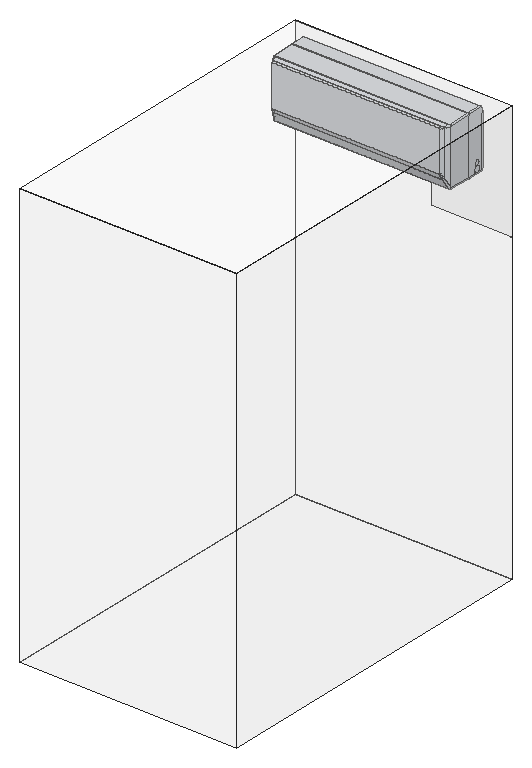
Revit family "pk-rp40_112(la)ka17_60Hz", category 機械設備, Revit 2019
Family settings
  丸型コネクタ寸法 = 直径を使用
  パーツ タイプ = 標準
  OmniClass 番号 = 23.75.10.24.21.27.27
  OmniClass タイトル = Split System Air Conditioning Units
  作業面ベース = いいえ
  常に垂直 = はい
  ロード時にボイドで切り取り = いいえ
  共有 = いいえ
  部屋計算ポイント = はい
Parameters (values of type "壁掛_PK-RP40LA")
  風量_静 (m3/min) = 6.8
  風量_強 (m3/min) = 10.7
  風量_弱 (m3/min) = 8.2
  風量_中 (m3/min) = 9.4
  風量 = MAX風量  # 642.0 m³/h
  音響パワーレベル（静）(dB) = 47
  音響パワーレベル（弱）(dB) = 51
  音響パワーレベル（中）(dB) = 54
  音響パワーレベル(dB) = 57
  電源種別 = ""
  電源_H = 0 mm
  電圧_電気ヒーター = 0 V
  電圧 = 200 V
  電動機出力_送風機 = 0.03 kW
  運転質量 = 0.00 kg
  連動 = ""
  質量 = if(製品質量 > 運転質量, 製品質量, 運転質量) * 1.2  # 15.00 kg
  負荷分類 = 3_ファン類
  構成品番 = "PK-RP40LA"
  壁掛_PK-RP80_112KA17 = no
  壁掛_PK-RP56_71KA17 = no
  壁掛_PK-RP40_50LA = yes
  冷媒液管位置-Z = 280 mm
  冷媒液管位置-Y = 35 mm
  冷媒液管位置-X = 711 mm
  冷媒ガス管位置-Z = 268 mm
  冷媒ガス管位置-Y = 35 mm
  冷媒ガス管位置-X = 642 mm
  ドレン管径 (外径) = 22 mm
  ドレン位置-Z = 245 mm
  ドレン位置-Y = 35 mm
  ドレン位置-X = 660 mm
  サービススペース PK-RP56KA～PK-RP71KA = no
  サービススペース PK-RP40LA～PK-RP50LA / PK-RP80KA～PK-RP112KA = yes
  URL = "https://www.mitsubishielectric.co.jp/ldg/wink/ssl/displayProduct.do?pid=311483"
  Space Top = 50 mm
  Space Right_1 = 260 mm
  Space Right = 150 mm
  Space Left = 50 mm
  Space Bot_2 = 250 mm
  Space Bot_1 = 7 mm
  MIN２風量 = [風量_静 (m3/min)] * 60.0 m³/h  # 408.0 m³/h
  MIN風量 = [風量_弱 (m3/min)] * 60.0 m³/h  # 492.0 m³/h
  MID風量 = [風量_中 (m3/min)] * 60.0 m³/h  # 564.0 m³/h
  MAX風量 = [風量_強 (m3/min)] * 60.0 m³/h  # 642.0 m³/h
  説明 = "店舗・事務所用パッケージエアコン(Mr.SLIM) 壁掛形<ワイヤード>"
  設計暖房能力 = 0.00 kW
  設計冷房能力_顕熱 = 0 kW
  設計冷房能力 = 0 kW
  設置方法 = "壁掛形"
  記号 = ""
  製造元 = "三菱電機株式会社"
  製品質量 = 12.50 kg
  製品出荷対象 = "国内"
  製品リリース年月 = "2021/05/10"
  製品グループ = ""
  系統 = ""
  符号 = "PAC_WR"
  積算_科目 = "1 空気調和設備"
  積算_拾い区分 [instance] = ""
  相 = 1
  盤記号 = ""
  発停方法 = "付属スイッチ"
  特殊仕様 = ""
  火災停止 = ""
  消費電力_電気ヒーター = 0.00 kW
  消費電力_暖房 = 0.03 kW
  消費電力_加湿器 = 0.00 kW
  消費電力_冷房 = 0.04 kW
  消費電力 = if(消費電力_冷房 > 消費電力_暖房, 消費電力_冷房, 消費電力_暖房) + 消費電力_加湿器 + 消費電力_電気ヒーター  # 0.04 kW
  法定耐用年数 = "6"
  極数 = 1
  材質 = ""
  本体マテリアル = none
  有効加湿量 = 0
  暖房能力 = 4.00 kW
  推奨ブレーカー容量 = 0 A
  形式_加湿器 = ""
  形式 = "壁掛（露出）形"
  幹線記号 = ""
  始動方式 = "直入"
  呼称 = "室内機_壁掛（露出）形"
  周波数 = 60 Hz
  吊り位置Y = 0 mm
  吊り位置X = 0 mm
  吊りボルト_H = 0 mm
  台数_手元リモコン = ""
  台数_冷媒分岐ユニット = ""
  参照している仕様書等のバージョン = "公共建築工事標準仕様書（機械設備工事編）平成31年度版"
  加湿給水管径 = 0.00 mm
  分類コード = "50053003123070"
  分類グループ = ""
  冷房能力 = 3.6 kW
  冷媒高低圧ガス管径 = 0.00 mm
  冷媒管径符号 = "Ac"
  冷媒管径 = 100.00 mm
  冷媒液管径 = 6.35 mm
  冷媒ガス管径 = 12.70 mm
  企業コード = "108420"
  付属品_フィルター = ""
  付属品 = ""
  仕様書バージョン = "Version1.0"
  Model = ""
  パネルマテリアル = none
  ドレン管径 = 16.00 mm
  サービススペース = yes
  コメント [instance] = ""
  ケーブル種類 = ""
  ケーブルサイズ = 0 mm
  Width = 898 mm
  Uniclass2015Version = "Systems v1.9"
  Uniclass2015Title = "Split coil remote air cooled condensing units"
  Uniclass2015Code = "Pr_70_65_03_84"
  SpecificationReference = ""
  SpecificationDescription = ""
  S_H = 356 mm
  Revision = ""
  ProductInformation = ""
  OmniClassCode = "23-33 17 13 11"
  IfcTypeProduct = ""
  IfcProduct = ""
  IfcExportType = "AIRCONDITIONINGUNIT"
  IfcExportAs = "IfcUnitaryEquipmentType"
  Height = 299 mm
  Depth = 237 mm
  価格 = 205000
  Clearance Top = 50 mm
  Clearance Right = 150 mm
  Clearance Left = 50 mm
  Clearance Front = 1500 mm
  Clearance Bottom = 1800 mm
  Clearance Back = 0 mm
  Author = "三菱電機株式会社"
Reference planes
  plane 1 "中心(正面/背面)": y = 0
  plane 2: z = 11
  plane 3 "中心(左/右)": x = 0
  plane 4: x = -449
  plane 5: x = 449
  plane 6: z = -288
  plane 7: y = -242
  plane 8: y = -5
  plane 9: x = -211
  plane 10: x = -193
  plane 11: x = -262
  plane 12: y = -40
  plane 13: y = -40
  plane 14: y = -40
  plane 15: z = -269
  plane 16: z = -257
  plane 17: z = -234
  plane 18: z = 61
  plane 19: x = -499
  plane 20: x = 599
  plane 21: z = -295
  plane 22: z = -538
  plane 23: x = 189
  plane 24: y = -1742
  plane 25: z = -2088
  plane 26: x = -499
  plane 27: x = 599
Forms (mm)
  Extrusion 1, solid
    sketch origin (-88.875, 0, -1713) x (-1, 0, 0) y (0, 0, 1)
      loop
        line (-487.875, 1574) -> (-487.875, 1549) -> (-462.875, 1549) -> (-462.875, 1574) -> (-487.875, 1574)
    from -1 to 0
  Extrusion 2, solid
    sketch origin (0, 0, 0) x (0, 1, 0) y (0, 0, 1)
      loop
        circle (-40, -234) r 11
    from 444 to 449
  Extrusion 3, solid
    sketch origin (0, 0, 0) x (0, 1, 0) y (0, 0, 1)
      loop
        circle (-40, -263) r 15
    from 444 to 449
Dimensions and locks
  equal spacing: plane 5, plane 3 "中心(左/右)", plane 4
  "Width": plane 5 to plane 4
  "Height": level to plane 6
  locked: plane 8 to plane 1 "中心(正面/背面)" at 5
  "Depth": plane 7 to plane 8
  "ドレン位置-X": plane 5 to plane 9
  "冷媒ガス管位置-X": plane 5 to plane 10
  "冷媒液管位置-X": plane 5 to plane 11
  "ドレン位置-Y": plane 14 to plane 8
  "冷媒ガス管位置-Y": plane 13 to plane 8
  "冷媒液管位置-Y": plane 12 to plane 8
  "ドレン位置-Z": level to plane 17
  "冷媒ガス管位置-Z": level to plane 16
  "冷媒液管位置-Z": level to plane 15
  "Space Top": plane 18 to level
  "Space Left": plane 4 to plane 19
  "Space Right": plane 20 to plane 5
  "Space Bot_1": plane 6 to plane 21
  "Space Bot_2": plane 6 to plane 22
  "Space Right_1": plane 5 to plane 23
  equal spacing: plane 16, Extrusion 3 sketch curve, plane 15
  equal spacing: plane 12, Extrusion 3 sketch curve, plane 13
  locked: plane 5 to Extrusion 3 at 5
  "Clearance Front": plane 24 to plane 7
  "Clearance Bottom": plane 6 to plane 25
  "Clearance Left": plane 4 to plane 26
  "Clearance Right": plane 27 to plane 5
  plane 5 to Extrusion 1 sketch curve = 50 mm
  nested 3 to Extrusion 1 sketch curve = 150 mm
  "S_H": nested 6 to plane 21
  "Clearance Top": nested 4 to plane 2
  "ドレン管径 (外径)": diameter of Extrusion 2 sketch curve
  aligned and locked: level to plane 2
  aligned and locked: plane 1 "中心(正面/背面)" to nested 1
  aligned and locked: plane 1 "中心(正面/背面)" to nested 2
  aligned and locked: plane 1 "中心(正面/背面)" to nested 3
  aligned and locked: level to nested 1
  aligned and locked: level to nested 3
  aligned and locked: plane 3 "中心(左/右)" to nested 2
  aligned and locked: plane 3 "中心(左/右)" to nested 1
  aligned and locked: plane 3 "中心(左/右)" to nested 3
  aligned and locked: plane 14 to Extrusion 2 sketch curve
  aligned and locked: plane 17 to Extrusion 2 sketch curve
  aligned and locked: plane 5 to Extrusion 3
  aligned and locked: plane 5 to Extrusion 2
  aligned and locked: Extrusion 2 to Extrusion 3
  aligned and locked: plane 1 "中心(正面/背面)" to nested 4
  aligned and locked: plane 24 to nested 4
  aligned and locked: plane 25 to nested 4
  aligned and locked: plane 26 to nested 4
  aligned and locked: plane 27 to nested 4
  aligned and locked: plane 18 to nested 4
  aligned and locked: plane 1 "中心(正面/背面)" to nested 5
  aligned and locked: plane 3 "中心(左/右)" to nested 5
  aligned and locked: plane 1 "中心(正面/背面)" to nested 6
  aligned and locked: plane 3 "中心(左/右)" to nested 6
  aligned and locked: plane 2 to nested 3
Automatic sketch dimensions
  Extrusion 1 sketch curve to plane 5 = 75 mm
  Extrusion 1 sketch curve to Extrusion 1 sketch curve = 25 mm
  radius of Extrusion 3 sketch curve = 15 mm
Nested families
  nested 1: "pk-rp40_50(la)ka17" at (0, 0, 10), type "壁掛_PK-RP40_50LA"
  nested 2: "pk-rp56_71(la)ka17" at (0, 0, 11), type "壁掛_PK-RP56_71KA17"
    with 壁掛_PK-RP56-71KA17 no
  nested 3: "pk-rp80_112(la)ka17" at (0, 0, 11), type "壁掛_PK-RP80_112KA17"
    with 壁掛_PK-RP80_112KA17 no, 冷媒液管径 6.35 mm, 冷媒ガス管径 12.70 mm
  nested 4: "サービススペース" at (50, -871, -1013.5), visible <- "サービススペース", type "サービススペース"
    with Width 1098 mm, Height 2149 mm, Depth 1742 mm
  nested 5: "Space View" at (0, 0, 11), Bot_1 <- "Space Bot_1", Bot_2 <- "Space Bot_2", Hight <- "Height", Left <- "Space Left", Right <- "Space Right", Right_1 <- "Space Right_1", Top <- "Space Top", Width <- "Width", Space View <- "サービススペース PK-RP40LA～PK-RP50LA / PK-RP80KA～PK-RP112KA", type "Space View"
    with Width 898 mm, Top 50 mm, Space View yes, Right_1 260 mm, Right 150 mm, Left 50 mm, Hight 299 mm, Bot_2 250 mm, Bot_1 7 mm
  nested 6: "Space View_1" at (0, 0, 11), Bot_1 <- "Space Bot_1", Hight <- "Height", Left <- "Space Left", Right <- "Space Right", Top <- "Space Top", Width <- "Width", Space View 1 <- "サービススペース PK-RP56KA～PK-RP71KA", type "Space View_1"
    with Width 898 mm, Top 50 mm, Space View 1 no, Right 150 mm, Left 50 mm, Hight 299 mm, Bot_1 7 mm
Connectors
  piping at (449, -40, -234), diameter 22, driven by "ドレン管径 (外径)"
    settings: on Extrusion 2, index 1, connector inside diameter 609.60 mm, connector length 0 mm, flow factor 0, pipe flow 0.0 L/s, pressure drop 0.0 Pa, fitting loss kfactor 0, connector angle 0.00°, fixture units 0, engagement length 0 mm, angle of deflection 0.00°, flow configuration 1, flow direction 2, fitting loss method 4, system type 16, joint type 0, gender type 0, connector reference index -1, connector utility 0, adjustable connector no, is connector primary yes, connector description ""
  piping at (449, -40, -263), diameter 100, driven by "冷媒管径", driven by "冷媒管径符号"
    settings: on Extrusion 3, index 2, connector inside diameter 609.60 mm, connector length 0 mm, flow factor 0, pipe flow 0.0 L/s, pressure drop 0.0 Pa, fitting loss kfactor 0, connector angle 0.00°, fixture units 0, engagement length 0 mm, angle of deflection 0.00°, flow configuration 1, flow direction 1, fitting loss method 4, system type 7, joint type 0, gender type 0, connector reference index -1, connector utility 0, adjustable connector no, is connector primary no, connector description "Ac"
  electrical at (386.5, 0, -151.5), driven by "極数", driven by "負荷分類", driven by "電圧", driven by "消費電力"
    settings: on Extrusion 1, index 3, voltage 200 V, apparent load 40 VA, apparent load phase1 0 VA, apparent load phase2 0 VA, apparent load phase3 0 VA, power factor 1, load classification "3_ファン類", number of poles 1, system type 30, power factor state 1, is connector primary yes, connector utility no, sub classification motor no, connector description ""
Definition of nested family "pk-rp40_50(la)ka17"
  Parameters (values of type "壁掛_PK-RP40_50LA")
    壁掛_PK-RP40_50LA = yes
    冷媒液管位置-Y = 35 mm
    冷媒液管位置-X = 711 mm
    冷媒ガス管位置-Y = 35 mm
    冷媒ガス管位置-X = 642 mm
    ドレン管径 (外径) = 22 mm
    ドレン位置-Y = 35 mm
    ドレン位置-X = 660 mm
    URL = ""
    Description = ""
    Manufacturer = ""
    冷媒管径符号 = "Ac"
    冷媒管径 = 100.00 mm
    冷媒液管位置-Z = 280 mm
    冷媒液管径 = 6.35 mm
    冷媒ガス管位置-Z = 268 mm
    冷媒ガス管径 = 12.70 mm
    Model = ""
    ドレン位置-Z = 245 mm
    ドレン管径 = 16.00 mm
    Width = 898 mm
    S_H = 356 mm
    Height = 299 mm
    Depth = 237 mm
    Cost = 0
  Reference planes
    plane 1 "中心(正面/背面)": y = 0
    plane 2: z = 1
    plane 3 "中心(左/右)": x = 0
    plane 4 "UNDER": z = -298
    plane 5 "Left": x = -449
    plane 6: x = 449
    plane 7 "Fkidasi_L": x = -400
    plane 8 "Fkidasi_X": x = -262
    plane 9 "Fkidasi_Y": x = -193
    plane 10: y = -5
    plane 11: y = -40
    plane 12: y = -242
    plane 13: z = -279
    plane 14: z = -267
    plane 15: z = -244
    plane 16: y = -40
    plane 17: y = -40
    plane 18: x = -211
    plane 19: z = 1
    plane 20: x = 0
    plane 21: x = 0
  Forms (mm)
    Extrusion 1, void
      sketch origin (0, 75, -2499) x (0, -1, 0) y (0, 0, 1)
        loop
          line (89, 2500) -> (80, 2500) -> (80, 2487) -> (89, 2500)
      from 449 to -449
    Extrusion 2, solid, visible <- "壁掛_PK-RP40_50LA"
      sketch origin (0, 0, -2509.072) x (-1, 0, 0) y (0, 0, 1)
        loop
          line (449, 2485.072) -> (-449, 2485.072) -> (-449, 2224.072) -> (449, 2224.072) -> (449, 2485.072)
      from 0 to -5
    Extrusion 3, solid, visible <- "壁掛_PK-RP40_50LA"
      sketch origin (0, -5, -2499) x (0, 0, -1) y (-1, 0, 0)
        loop
          line (-2500, 444) -> (-2500, -444)
          arc (-2500, -444) -> (-2498.536, -447.536) -> (-2495, -449) r 5
          line (-2495, -449) -> (-2206, -449)
          arc (-2206, -449) -> (-2202.464, -447.536) -> (-2201, -444) r 5
          line (-2201, -444) -> (-2201, 444)
          arc (-2201, 444) -> (-2202.464, 447.536) -> (-2206, 449) r 5
          line (-2206, 449) -> (-2495, 449)
          arc (-2495, 449) -> (-2498.536, 447.536) -> (-2500, 444) r 5
      from 0 to -83
    Blend 4, solid, visible <- "壁掛_PK-RP40_50LA"
      base sketch origin (0, -202, -1799) x (0, 0, 1) y (1, 0, 0)
        loop
          line (1796, -444) -> (1796, 444)
          arc (1796, 444) -> (1794.536, 447.536) -> (1791, 449) r 5
          line (1791, 449) -> (1515, 449)
          arc (1515, 449) -> (1508.636, 446.364) -> (1506, 440) r 9
          line (1506, 440) -> (1506, -440)
          arc (1506, -440) -> (1508.636, -446.364) -> (1515, -449) r 9
          line (1515, -449) -> (1791, -449)
          arc (1791, -449) -> (1794.536, -447.536) -> (1796, -444) r 5
      top sketch origin (0, -202, -1799) x (0, 0, 1) y (1, 0, 0)
        loop
          line (1793, -427) -> (1793, 427)
          arc (1793, 427) -> (1791.536, 430.536) -> (1788, 432) r 5
          line (1788, 432) -> (1559, 432)
          arc (1559, 432) -> (1555.464, 430.536) -> (1554, 427) r 5
          line (1554, 427) -> (1554, -427)
          arc (1554, -427) -> (1555.464, -430.536) -> (1559, -432) r 5
          line (1559, -432) -> (1788, -432)
          arc (1788, -432) -> (1791.536, -430.536) -> (1793, -427) r 5
      from 0 to -25
    Blend 5, solid, visible <- "壁掛_PK-RP40_50LA"
      base sketch origin (0, -227, -1799) x (0, 0, 1) y (1, 0, 0)
        loop
          arc (1793, 427) -> (1791.536, 430.536) -> (1788, 432) r 5
          line (1788, 432) -> (1559, 432)
          arc (1559, 432) -> (1555.464, 430.536) -> (1554, 427) r 5
          line (1554, 427) -> (1554, -427)
          arc (1554, -427) -> (1555.464, -430.536) -> (1559, -432) r 5
          line (1559, -432) -> (1788, -432)
          arc (1788, -432) -> (1791.536, -430.536) -> (1793, -427) r 5
          line (1793, -427) -> (1793, 427)
      top sketch origin (0, -227, -1799) x (0, 0, 1) y (1, 0, 0)
        loop
          line (1793, -419) -> (1793, 419)
          arc (1793, 419) -> (1791.536, 422.536) -> (1788, 424) r 5
          line (1788, 424) -> (1590, 424)
          arc (1590, 424) -> (1586.464, 422.536) -> (1585, 419) r 5
          line (1585, 419) -> (1585, -419)
          arc (1585, -419) -> (1586.464, -422.536) -> (1590, -424) r 5
          line (1590, -424) -> (1788, -424)
          arc (1788, -424) -> (1791.536, -422.536) -> (1793, -419) r 5
      from 0 to -15
    Blend 6, solid, visible <- "壁掛_PK-RP40_50LA"
      base sketch origin (62.5, -88, -1799) x (0, 0, 1) y (1, 0, 0)
        loop
          arc (1800, 381.5) -> (1798.536, 385.036) -> (1795, 386.5) r 5
          line (1795, 386.5) -> (1506, 386.5)
          arc (1506, 386.5) -> (1502.464, 385.036) -> (1501, 381.5) r 5
          line (1501, 381.5) -> (1501, -506.5)
          arc (1501, -506.5) -> (1502.464, -510.036) -> (1506, -511.5) r 5
          line (1506, -511.5) -> (1795, -511.5)
          arc (1795, -511.5) -> (1798.536, -510.036) -> (1800, -506.5) r 5
          line (1800, -506.5) -> (1800, 381.5)
      top sketch origin (62.5, -88, -1799) x (0, 0, 1) y (1, 0, 0)
        loop
          line (1796, -506.5) -> (1796, 381.5)
          arc (1796, 381.5) -> (1794.536, 385.036) -> (1791, 386.5) r 5
          line (1791, 386.5) -> (1511, 386.5)
          arc (1511, 386.5) -> (1507.464, 385.036) -> (1506, 381.5) r 5
          line (1506, 381.5) -> (1506, -502.5)
          arc (1506, -502.5) -> (1508.636, -508.864) -> (1515, -511.5) r 9
          line (1515, -511.5) -> (1791, -511.5)
          arc (1791, -511.5) -> (1794.536, -510.036) -> (1796, -506.5) r 5
      from 0 to -114
    Sweep 7, solid, visible <- "壁掛_PK-RP40_50LA", detail levels fine
      path origin (0, 75, -1799) x (-1, 0, 0) y (0, 0, 1)
        loop
          line (262, 1521) -> (-271, 1521)
      profile origin (4.5, 75, -278) x (0, 0, -1) y (0, 1, 0)
        loop
          circle (1, -115) r 3.175
    Sweep 8, solid, visible <- "壁掛_PK-RP40_50LA", detail levels fine
      path origin (0, 75, -1799) x (-1, 0, 0) y (0, 0, 1)
        loop
          line (-257, 1533) -> (193, 1533)
      profile origin (32, 75, -266) x (0, 0, 1) y (0, 1, 0)
        loop
          circle (-1, -115) r 6.35
    Sweep 9, solid, visible <- "壁掛_PK-RP40_50LA", detail levels fine
      path origin (0, 75, -1799) x (-1, 0, 0) y (0, 0, 1)
        loop
          line (211, 1556) -> (-289, 1556)
      profile origin (39, 75, -243) x (0, 0, -1) y (0, 1, 0)
        loop
          circle (1, -115) r 11
  Cuts and joins
    Extrusion 1 cuts Extrusion 3
  Lines and regions (mm)
    model lines, visible <- "壁掛_PK-RP40_50LA", detail levels fine
      curve 1: line (274, -5, -298) -> (274, -54, -298)
      curve 2: line (292, -72, -298) -> (331, -72, -298)
      curve 3: line (349, -54, -298) -> (349, -5, -298)
      curve 4: line (324, -54, -298) -> (324, -5, -298)
      curve 5: arc (292, -72, -298) -> (279.272, -66.728, -298) -> (274, -54, -298) r 18
      curve 6: arc (306, -72, -298) -> (318.728, -66.728, -298) -> (324, -54, -298) r 18
      curve 7: arc (331, -72, -298) -> (343.728, -66.728, -298) -> (349, -54, -298) r 18
      curve 8: line (-430, -5, -298) -> (-430, -54, -298)
      curve 9: line (-412, -72, -298) -> (-378, -72, -298)
      curve 10: line (-360, -54, -298) -> (-360, -5, -298)
      curve 11: line (-399.073, -53.123, -298) -> (-399.073, -5, -298)
      curve 12: arc (-412, -72, -298) -> (-424.728, -66.728, -298) -> (-430, -54, -298) r 18
      curve 13: arc (-399.073, -53.123, -298) -> (-394.55, -65.481, -298) -> (-383.118, -72, -298) r 19.145
      curve 14: arc (-360, -54, -298) -> (-365.272, -66.728, -298) -> (-378, -72, -298) r 18
      curve 15: line (366.5, -202, -293) -> (366.5, -208.929, -279.696)
      curve 16: line (366.5, -208.929, -279.696) -> (326.5, -208.929, -279.696)
      curve 17: line (326.5, -208.929, -279.696) -> (326.5, -202, -293)
      curve 18: line (326.5, -202, -293) -> (326.5, -188.513, -293.592)
      curve 19: line (326.5, -188.513, -293.592) -> (366.5, -188.513, -293.592)
      curve 20: line (366.5, -188.513, -293.592) -> (366.5, -202, -293)
      curve 21: line (449, -5, -229) -> (449, -52, -229)
      curve 22: line (449, -70, -247) -> (449, -70, -270)
      curve 23: line (449, -52, -288) -> (449, -5, -288)
      curve 24: line (449, -49.143, -241) -> (449, -5, -241)
      curve 25: arc (449, -52, -288) -> (449, -64.728, -282.728) -> (449, -70, -270) r 18
      curve 26: arc (449, -52, -229) -> (449, -64.728, -234.272) -> (449, -70, -247) r 18
      curve 27: arc (449, -70, -261.857) -> (449, -63.891, -247.109) -> (449, -49.143, -241) r 20.857
      curve 28: line (-449, -5, -288) -> (-449, -52, -288)
      curve 29: line (-449, -70, -270) -> (-449, -70, -236)
      curve 30: line (-449, -52, -218) -> (-449, -5, -218)
      curve 31: line (-449, -5, -238) -> (-449, -52, -238)
      curve 32: arc (-449, -52, -288) -> (-449, -64.728, -282.728) -> (-449, -70, -270) r 18
      curve 33: arc (-449, -70, -236) -> (-449, -64.728, -223.272) -> (-449, -52, -218) r 18
      curve 34: arc (-449, -70, -256) -> (-449, -64.728, -243.272) -> (-449, -52, -238) r 18
      curve 35: line (-400, -227, -245) -> (-400, -202, -293)
      curve 36: line (250, -227, -245) -> (250, -202, -293)
      curve 37: line (250, -202, -293) -> (250, -88, -298)
      curve 38: line (-400, -200.122, -293.082) -> (-400, -88, -298)
  Dimensions and locks
    "Width": plane 5 "Left" to plane 6
    plane 5 "Left" to plane 3 "中心(左/右)" to plane 6 = 449 mm, 449 mm
    equal spacing: plane 5 "Left", plane 3 "中心(左/右)", plane 6
    "Depth": plane 10 to plane 12
    "ドレン位置-Z": level to plane 15
    "冷媒ガス管位置-Z": level to plane 14
    "冷媒液管位置-Z": level to plane 13
    "Height": level to plane 4 "UNDER"
    "ドレン位置-Y": plane 10 to plane 17
    "冷媒ガス管位置-Y": plane 10 to plane 16
    "冷媒液管位置-Y": plane 10 to plane 11
    "冷媒液管位置-X": plane 6 to plane 8 "Fkidasi_X"
    "冷媒ガス管位置-X": plane 6 to plane 9 "Fkidasi_Y"
    "ドレン位置-X": plane 6 to plane 18
    locked: plane 10 to plane 1 "中心(正面/背面)" at 5
    "冷媒液管径": diameter of Sweep 7 sketch curve
    "冷媒ガス管径": diameter of Sweep 8 sketch curve
    "ドレン管径 (外径)": diameter of Sweep 9 sketch curve
    aligned and locked: level to plane 2
    aligned and locked: Sweep 8 to plane 9 "Fkidasi_Y"  (x2)
    aligned and locked: Sweep 7 to plane 8 "Fkidasi_X"
    aligned and locked: plane 12 to Blend 5
    aligned and locked: plane 15 to Sweep 9 sketch curve
    aligned and locked: plane 14 to Sweep 8 sketch curve
    aligned and locked: plane 13 to Sweep 7 sketch curve
    aligned and locked: plane 17 to Sweep 7 sketch curve
    aligned and locked: plane 16 to Sweep 8 sketch curve
    aligned and locked: plane 11 to Sweep 9 sketch curve
    aligned and locked: plane 20 to plane 3 "中心(左/右)"
    aligned and locked: plane 21 to plane 20
  Automatic sketch dimensions
    Extrusion 1 sketch curve to plane 10 = 0 mm
    Extrusion 1 sketch curve to plane 10 = 9 mm
    Extrusion 2 sketch curve to plane 6 = 0 mm
    plane 5 "Left" to Extrusion 2 sketch curve = 0 mm
    Extrusion 2 sketch curve to level = 286 mm
    Extrusion 3 sketch curve to plane 6 = 0 mm
    plane 5 "Left" to Extrusion 3 sketch curve = 0 mm
    Extrusion 3 sketch curve to level = 299 mm
    Extrusion 3 sketch curve to level = 294 mm  (x2)
    plane 5 "Left" to Blend 4 sketch curve = 0 mm
    Blend 4 sketch curve to plane 6 = 0 mm
    Blend 4 sketch curve to level = 294 mm
    Blend 4 sketch curve to Blend 4 sketch curve = 9 mm  (x2)
    Blend 4 sketch curve to plane 6 = 5 mm
    Blend 4 sketch curve to plane 6 = 22 mm
    Blend 4 sketch curve to level = 246 mm
    Blend 4 sketch curve to Blend 4 sketch curve = 5 mm  (x4)
    Blend 4 sketch curve to plane 5 "Left" = 22 mm
    Blend 5 sketch curve to level = 246 mm
    Blend 5 sketch curve to Blend 5 sketch curve = 5 mm  (x7)
    Blend 5 sketch curve to plane 5 "Left" = 17 mm
    Blend 5 sketch curve to plane 6 = 22 mm
    Blend 5 sketch curve to plane 7 "Fkidasi_L" = 19 mm
    Blend 5 sketch curve to level = 215 mm
    Blend 5 sketch curve to plane 6 = 30 mm
    Blend 6 sketch curve to level = 299 mm
    Blend 6 sketch curve to plane 6 = 0 mm  (x2)
    plane 5 "Left" to Blend 6 sketch curve = 0 mm  (x2)
    Blend 6 sketch curve to level = 294 mm  (x3)
    Blend 6 sketch curve to plane 6 = 5 mm  (x2)
    Blend 6 sketch curve to Blend 6 sketch curve = 9 mm
    curve 11 to Extrusion 3 = 0 mm
    curve 1 to Extrusion 3 = 0 mm
    curve 8 to Extrusion 3 = 0 mm
    curve 4 to Extrusion 3 = 0 mm
    curve 3 to Extrusion 3 = 0 mm
    curve 10 to Extrusion 3 = 0 mm
    curve 13 to Extrusion 3 = 34.877 mm
    curve 12 to curve 13 = 0.877 mm
    curve 10 to curve 13 = 0.877 mm
    curve 3 to Extrusion 3 = 34 mm
    curve 4 to curve 7 = 0 mm
    curve 9 to Extrusion 3 = 16 mm
    curve 2 to Extrusion 3 = 16 mm
    Extrusion 3 to curve 3 = 95 mm
    curve 7 to curve 4 = 7 mm
    curve 6 to curve 2 = 14 mm
    Extrusion 3 to curve 10 = 84 mm
    curve 14 to curve 13 = 1.927 mm
    curve 13 to curve 11 = 19.145 mm
    curve 13 to curve 12 = 12.927 mm
    curve 35 to Blend 4 = 0 mm
    Blend 4 to curve 35 = 0 mm
    Blend 4 to curve 36 = 0 mm
    curve 36 to Blend 4 = 0 mm
    curve 17 to Blend 4 = 0 mm
    curve 15 to Blend 4 = 0 mm
    Blend 4 to curve 17 = 15 mm
    curve 17 to Blend 4 = 106.857 mm
    curve 16 to curve 15 = 40 mm
    curve 36 to curve 17 = 76.5 mm
    curve 35 to curve 36 = 650 mm
    curve 38 to Blend 6 = 0 mm
    curve 37 to Blend 6 = 0 mm
    Blend 6 to curve 37 = 0 mm
    Blend 6 to curve 18 = 0 mm
    Blend 6 to curve 20 = 0 mm
    Blend 6 to curve 19 = 13.5 mm
    curve 19 to Blend 6 = 117.5 mm
    curve 18 to curve 19 = 40 mm
    curve 37 to curve 18 = 76.5 mm
    curve 38 to curve 37 = 650 mm
    Blend 6 to curve 38 = 1.879 mm
    curve 21 to Extrusion 3 = 0 mm
    curve 24 to Extrusion 3 = 0 mm
    curve 23 to Extrusion 3 = 0 mm
    curve 21 to curve 24 = 12 mm
    Extrusion 3 to curve 22 = 18 mm
    curve 24 to curve 22 = 6 mm
    curve 26 to curve 27 = 14.857 mm
    curve 27 to curve 25 = 8.143 mm
    curve 23 to Extrusion 3 = 5 mm
    curve 28 to Extrusion 3 = 0 mm
    curve 31 to Extrusion 3 = 0 mm
    curve 30 to Extrusion 3 = 0 mm
    curve 28 to Extrusion 3 = 5 mm
    curve 29 to Extrusion 3 = 23 mm
    curve 32 to curve 34 = 14 mm
    curve 34 to curve 31 = 18 mm
    curve 34 to curve 33 = 2 mm
    curve 33 to curve 30 = 18 mm
    Extrusion 3 to curve 32 = 36 mm
    Sweep 7 sketch curve to plane 8 "Fkidasi_X" = 0 mm
    Sweep 8 sketch curve to plane 9 "Fkidasi_Y" = 0 mm
    Sweep 9 sketch curve to plane 9 "Fkidasi_Y" = 18 mm
    Extrusion 1 sketch curve to level = 13 mm
    Extrusion 1 sketch curve to level = 0 mm
    Extrusion 2 sketch curve to level = 25 mm
    Extrusion 3 sketch curve to level = 5 mm  (x2)
    Extrusion 3 sketch curve to level = 0 mm
    Blend 4 sketch curve to level = 9 mm  (x2)
    Blend 4 sketch curve to level = 12 mm
    Blend 5 sketch curve to level = 12 mm  (x3)
    Blend 6 sketch curve to level = 5 mm  (x2)
    Blend 6 sketch curve to level = 0 mm
    Blend 6 sketch curve to level = 9 mm  (x2)
    plane 13 to Sweep 7 sketch curve = 1 mm
    plane 14 to Sweep 8 sketch curve = 1 mm
    plane 15 to Sweep 9 sketch curve = 1 mm
    curve 5 to curve 6 = 0 mm
    Sweep 7 sketch curve to plane 6 = 178 mm
    Sweep 8 sketch curve to plane 6 = 192 mm
    Sweep 9 sketch curve to plane 6 = 160 mm
    curve 22 to Extrusion 3 = 23 mm
Definition of nested family "サービススペース"
  Parameters (values of type "サービススペース")
    Width [instance] = 500 mm
    Height [instance] = 500 mm
    Depth [instance] = 500 mm
  Reference planes
    plane 1 "中心(正面/背面)": y = 0
    plane 2: z = 0
    plane 3 "中心(左/右)": x = 0
    plane 4: y = -250
    plane 5: x = 250
    plane 6: y = 250
    plane 7: x = -250
    plane 8: z = 250
    plane 9: z = -250
  Forms (mm)
    Extrusion 1, solid
      sketch origin (-638.939, 0, 72.39) x (1, 0, 0) y (0, 1, 0)
        loop
          line (388.939, 250) -> (388.939, -250) -> (888.939, -250) -> (888.939, 250) -> (388.939, 250)
      from -322.39 to 177.61
  Lines and regions (mm)
    symbolic lines
      curve 1: line (-250, 0, 250) -> (250, 0, 250)
      curve 2: line (-250, 0, -250) -> (-250, 0, 250)
      curve 3: line (250, 0, -250) -> (-250, 0, -250)
      curve 4: line (250, 0, 250) -> (250, 0, -250)
      curve 5: line (0, -250, 250) -> (0, 250, 250)
      curve 6: line (0, -250, -250) -> (0, -250, 250)
      curve 7: line (0, 250, -250) -> (0, -250, -250)
      curve 8: line (0, 250, 250) -> (0, 250, -250)
      curve 9: line (-250, 250, 0) -> (250, 250, 0)
      curve 10: line (-250, -250, 0) -> (-250, 250, 0)
      curve 11: line (250, -250, 0) -> (-250, -250, 0)
      curve 12: line (250, 250, 0) -> (250, -250, 0)
  Dimensions and locks
    equal spacing: plane 7, plane 3 "中心(左/右)", plane 5
    equal spacing: plane 4, plane 1 "中心(正面/背面)", plane 6
    "Depth": plane 4 to plane 6
    "Width": plane 7 to plane 5
    equal spacing: plane 8, plane 2, plane 9
    "Height": plane 8 to plane 9
    aligned and locked: plane 9 to curve 3
    aligned and locked: plane 7 to curve 2
    aligned and locked: curve 4 to plane 5
    aligned and locked: plane 5 to Extrusion 1
    aligned and locked: Extrusion 1 to plane 7
    aligned and locked: Extrusion 1 to plane 9
    aligned and locked: plane 8 to Extrusion 1
    aligned and locked: plane 9 to curve 7
  Automatic sketch dimensions
    plane 4 to Extrusion 1 sketch curve = 0 mm
    Extrusion 1 sketch curve to plane 7 = 0 mm
    Extrusion 1 sketch curve to plane 5 = 0 mm
    plane 6 to Extrusion 1 sketch curve = 0 mm
    curve 2 to plane 8 = 0 mm
    plane 4 to curve 11 = 0 mm
    curve 11 to plane 7 = 0 mm
    curve 11 to plane 5 = 0 mm
    plane 6 to curve 10 = 0 mm
    curve 7 to plane 4 = 0 mm
    curve 7 to plane 6 = 0 mm
    curve 6 to plane 8 = 0 mm
Definition of nested family "Space View"
  Parameters (values of type "Space View")
    Width [instance] = 898 mm
    Top [instance] = 50 mm
    Space View [instance] = yes
    Right_1 [instance] = 260 mm
    Right [instance] = 150 mm
    Left [instance] = 50 mm
    Hight [instance] = 299 mm
    Bot_2 [instance] = 250 mm
    Bot_1 [instance] = 7 mm
  Reference planes
    plane 1 "Center (Front/Back)": y = 0
    plane 2: z = 0
    plane 3 "Center (Left/Right)": x = 0
    plane 4: x = -499
    plane 5: z = 50
    plane 6: x = 599
    plane 7: z = -306
    plane 8: z = -549
    plane 9: x = -449
    plane 10: x = 449
    plane 11: z = -299
    plane 12: x = 189
  Forms (mm)
    Extrusion 1, solid, visible <- "Space View"
      sketch origin (0, 0, -1800) x (-1, 0, 0) y (0, 0, 1)
        loop
          line (499, 1850) -> (-599, 1850) -> (-599, 1251) -> (-189, 1251) -> (-189, 1494) -> (499, 1494) -> (499, 1850)
      from 0 to -1
  Dimensions and locks
    equal spacing: plane 10, plane 3 "Center (Left/Right)", plane 9
    "Width": plane 10 to plane 9
    "Right": plane 10 to plane 6
    "Left": plane 9 to plane 4
    "Hight": level to plane 11
    "Bot_1": plane 11 to plane 7
    "Bot_2": plane 11 to plane 8
    "Top": plane 5 to level
    "Right_1": plane 12 to plane 10
    aligned and locked: level to plane 2
    aligned and locked: Extrusion 1 to plane 4
    aligned and locked: plane 5 to Extrusion 1
    aligned and locked: plane 6 to Extrusion 1
    aligned and locked: plane 7 to Extrusion 1
    aligned and locked: plane 8 to Extrusion 1
    aligned and locked: plane 5 to Extrusion 1 sketch curve
    aligned and locked: Extrusion 1 sketch curve to plane 4
    aligned and locked: Extrusion 1 sketch curve to plane 7
    aligned and locked: Extrusion 1 sketch curve to plane 8
    aligned and locked: Extrusion 1 sketch curve to plane 6
    aligned and locked: plane 12 to Extrusion 1
  Automatic sketch dimensions
    plane 10 to Extrusion 1 sketch curve = 260 mm
Definition of nested family "pk-rp56_71(la)ka17"
  Parameters (values of type "壁掛_PK-RP56_71KA17")
    壁掛_PK-RP56-71KA17 = yes
    冷媒液管位置-Z = 250 mm
    冷媒液管位置-Y = 25 mm
    冷媒液管位置-X = 673 mm
    冷媒ガス管位置-Z = 270 mm
    冷媒ガス管位置-Y = 25 mm
    冷媒ガス管位置-X = 603 mm
    ドレン管径 (外径) = 22 mm
    ドレン位置-Z = 300 mm
    ドレン位置-Y = 25 mm
    ドレン位置-X = 733 mm
    URL = ""
    Description = ""
    Manufacturer = ""
    冷媒管径符号 = "Ac"
    冷媒管径 = 100.00 mm
    冷媒液管径 = 6.35 mm
    冷媒ガス管径 = 12.70 mm
    Model = ""
    ドレン管径 = 16.00 mm
    Width = 1100 mm
    S_H = 404 mm
    Height = 325 mm
    Depth = 258 mm
    Cost = 0
  Reference planes
    plane 1 "中心(正面/背面)": y = 0
    plane 2: z = 0
    plane 3 "中心(左/右)": x = 0
    plane 4 "TOP": z = 0
    plane 5 "UNDER": z = -325
    plane 6 "Left": x = -550
    plane 7: x = 550
    plane 8 "Fkidasi_V": z = -332
    plane 9 "Fkidasi_Z": z = -300
    plane 10 "Fkidasi_AA": z = -270
    plane 11 "Fkidasi_BB": z = -250
    plane 12: x = 377
    plane 13 "Fkidasi_CC": x = -183
    plane 14 "Fkidasi_DD": x = -123
    plane 15 "Fkidasi_EE": x = -53
    plane 16: y = -5
    plane 17: y = -263
    plane 18: y = -30
    plane 19: y = -30
    plane 20: y = -30
    plane 21: z = 0
    plane 22: x = 0
  Forms (mm)
    Sweep 1, solid, visible <- "壁掛_PK-RP56-71KA17", detail levels fine
      path origin (0, 85, -1776) x (-1, 0, 0) y (0, 0, 1)
        loop
          line (-377, 1506) -> (53, 1506)
      profile origin (162, 85, -270) x (0, 0, 1) y (0, 1, 0)
        loop
          circle (0, -115) r 6.35
    Sweep 2, solid, visible <- "壁掛_PK-RP56-71KA17", detail levels fine
      path origin (0, 85, -1744) x (-1, 0, 0) y (0, 0, 1)
        loop
          line (123, 1494) -> (-377, 1494)
      profile origin (127, 85, -250) x (0, 0, -1) y (0, 1, 0)
        loop
          circle (0, -115) r 3.175
    Sweep 3, solid, visible <- "壁掛_PK-RP56-71KA17", detail levels fine
      path origin (0, 75, -1850) x (-1, 0, 0) y (0, -1, 0)
        loop
          line (183, 105) -> (-377, 105)
      profile origin (97, -30, -1850) x (0, 1, 0) y (0, 0, 1)
        loop
          circle (0, 1550) r 11
    Extrusion 4, solid, visible <- "壁掛_PK-RP56-71KA17"
      sketch origin (-572, -4.93, 72) x (0, 0, -1) y (0, -1, 0)
        loop
          arc (72, 6.933) -> (72.338, 5.549) -> (73.277, 4.477) r 3
          line (73.277, 4.477) -> (78.269, 0.976)
          arc (78.269, 0.976) -> (79.634, 0.302) -> (81.14, 0.07) r 5
          line (81.14, 0.07) -> (93.863, 0.07) -> (93.863, -3.73)
          arc (93.863, -3.73) -> (94.214, -4.579) -> (95.063, -4.93) r 1.2
          line (95.063, -4.93) -> (382.983, -4.93)
          arc (382.983, -4.93) -> (383.752, -4.777) -> (384.402, -4.34) r 2
          line (384.402, -4.34) -> (391.687, 2.995) -> (393.576, 2.486) -> (396.064, 2.486) -> (396.064, 74.487) -> (397, 74.487) -> (396.249, 96.275)
          arc (396.249, 96.275) -> (386.433, 144.686) -> (361.405, 187.272) r 149.804
          arc (361.405, 187.272) -> (360.715, 187.808) -> (359.863, 187.999) r 2
          line (359.863, 187.999) -> (351.218, 187.999) -> (351.218, 189.494) -> (358.547, 189.494)
          arc (358.547, 189.494) -> (359.077, 189.813) -> (359.045, 190.43) r 0.6
          arc (359.045, 190.43) -> (356.535, 194.254) -> (354.116, 198.136) r 193.914
          arc (354.116, 198.136) -> (346.059, 210.496) -> (337.22, 222.309) r 228.274
          line (337.22, 222.309) -> (330.325, 231.46)
          arc (330.325, 231.46) -> (329.848, 231.872) -> (329.245, 232.052) r 1.5
          arc (329.245, 232.052) -> (268.628, 247.266) -> (206.817, 256.492) r 639.712
          arc (206.817, 256.492) -> (187.622, 257.823) -> (168.382, 258) r 320.323
          arc (168.382, 258) -> (152.854, 257.385) -> (137.36, 256.189) r 414.965
          arc (137.36, 256.189) -> (135.749, 255.382) -> (135.1, 253.701) r 2.5
          line (135.1, 253.701) -> (135.1, 238.591) -> (133.187, 234.008)
          arc (133.187, 234.008) -> (111.703, 220.588) -> (95.132, 201.429) r 84.941
          arc (95.132, 201.429) -> (91.762, 195.916) -> (88.556, 190.306) r 219.053
          arc (88.556, 190.306) -> (88.564, 189.763) -> (89.035, 189.494) r 0.547
          line (89.035, 189.494) -> (93.338, 189.494) -> (92.464, 187.999) -> (86.86, 187.999)
          arc (86.86, 187.999) -> (86.322, 187.842) -> (85.953, 187.421) r 1
          arc (85.953, 187.421) -> (81.274, 174.893) -> (78.608, 161.789) r 85.448
          arc (78.608, 161.789) -> (73.655, 125.49) -> (72, 88.891) r 405.418
          line (72, 88.891) -> (72, 6.933)
      from -1122 to -22
  Lines and regions (mm)
    model lines, visible <- "壁掛_PK-RP56-71KA17", detail levels fine
      curve 1: line (550, -79.418, -324.064) -> (550, -79.418, 0)
      curve 2: line (550, 0, -241.868) -> (550, -79.418, -241.868)
      curve 3: line (550, 0, -243.128) -> (550, -64.595, -243.128)
      curve 4: line (550, -72.595, -251.128) -> (550, -72.595, -311.603)
      curve 5: line (550, -64.595, -319.603) -> (550, -7.841, -319.603)
      curve 6: arc (550, -64.595, -243.128) -> (550, -70.251, -245.471) -> (550, -72.595, -251.128) r 8
      curve 7: arc (550, -72.595, -311.603) -> (550, -70.251, -317.26) -> (550, -64.595, -319.603) r 8
      curve 8: line (-550, -79.418, -324.064) -> (-550, -79.418, 0)
      curve 9: line (-550, 0, -241.868) -> (-550, -79.418, -241.868)
      curve 10: line (-550, 0, -243.128) -> (-550, -64.595, -243.128)
      curve 11: line (-550, -72.595, -251.128) -> (-550, -72.595, -311.603)
      curve 12: line (-550, -64.595, -319.603) -> (-550, -7.841, -319.603)
      curve 13: arc (-550, -64.595, -243.128) -> (-550, -70.251, -245.471) -> (-550, -72.595, -251.128) r 8
      curve 14: arc (-550, -72.595, -311.603) -> (-550, -70.251, -317.26) -> (-550, -64.595, -319.603) r 8
  Dimensions and locks
    equal spacing: plane 7, plane 3 "中心(左/右)", plane 6 "Left"
    "Width": plane 6 "Left" to plane 7
    "Height": plane 5 "UNDER" to plane 4 "TOP"
    plane 8 "Fkidasi_V" to plane 5 "UNDER" = 7 mm
    plane 12 to plane 7 = 173 mm
    plane 12 to plane 13 "Fkidasi_CC" = 560 mm
    "冷媒液管位置-Z": plane 4 "TOP" to plane 11 "Fkidasi_BB"
    "冷媒ガス管位置-Z": plane 4 "TOP" to plane 10 "Fkidasi_AA"
    "ドレン位置-Z": plane 4 "TOP" to plane 9 "Fkidasi_Z"
    equal spacing: plane 6 "Left", plane 3 "中心(左/右)", plane 7
    plane 5 "UNDER" to plane 8 "Fkidasi_V" = 7 mm
    locked: plane 16 to plane 1 "中心(正面/背面)" at 5
    "Depth": plane 17 to plane 16
    "ドレン位置-Y": plane 18 to plane 16
    "冷媒ガス管位置-Y": plane 19 to plane 16
    "冷媒液管位置-Y": plane 20 to plane 16
    "冷媒ガス管位置-X": plane 7 to plane 15 "Fkidasi_EE"
    "冷媒液管位置-X": plane 7 to plane 14 "Fkidasi_DD"
    "ドレン位置-X": plane 7 to plane 13 "Fkidasi_CC"
    "冷媒ガス管径": diameter of Sweep 1 sketch curve
    "冷媒液管径": diameter of Sweep 2 sketch curve
    "ドレン管径 (外径)": diameter of Sweep 3 sketch curve
    aligned and locked: level to plane 2
    aligned and locked: plane 15 "Fkidasi_EE" to Sweep 1 sketch curve
    aligned and locked: plane 9 "Fkidasi_Z" to Sweep 3 sketch curve
    aligned and locked: plane 10 "Fkidasi_AA" to Sweep 1 sketch curve
    aligned and locked: plane 11 "Fkidasi_BB" to Sweep 2 sketch curve
    aligned and locked: plane 18 to Sweep 1 sketch curve
    aligned and locked: plane 19 to Sweep 2 sketch curve
    aligned and locked: plane 20 to Sweep 3 sketch curve
    aligned and locked: Sweep 2 to plane 14 "Fkidasi_DD"
    aligned and locked: Sweep 3 to plane 13 "Fkidasi_CC"
    aligned and locked: plane 15 "Fkidasi_EE" to Sweep 1
    aligned and locked: plane 22 to plane 3 "中心(左/右)"
  Automatic sketch dimensions
    Sweep 1 sketch curve to plane 10 "Fkidasi_AA" = 0 mm
    Sweep 1 sketch curve to plane 12 = 0 mm
    Sweep 2 sketch curve to plane 11 "Fkidasi_BB" = 0 mm
    Sweep 2 sketch curve to plane 12 = 0 mm
    plane 14 "Fkidasi_DD" to Sweep 2 sketch curve = 0 mm
    Sweep 3 sketch curve to plane 12 = 0 mm
    Sweep 3 sketch curve to plane 13 "Fkidasi_CC" = 0 mm
    Extrusion 4 sketch curve to Extrusion 4 sketch curve = 1.277 mm
    Extrusion 4 sketch curve to Extrusion 4 sketch curve = 4.991 mm
    Extrusion 4 sketch curve to Extrusion 4 sketch curve = 2.871 mm
    Extrusion 4 sketch curve to Extrusion 4 sketch curve = 2.175 mm
    Extrusion 4 sketch curve to Extrusion 4 sketch curve = 3.429 mm
    Extrusion 4 sketch curve to Extrusion 4 sketch curve = 0.874 mm
    Extrusion 4 sketch curve to Extrusion 4 sketch curve = 12.723 mm
    Extrusion 4 sketch curve to Extrusion 4 sketch curve = 1.2 mm
    Extrusion 4 sketch curve to Extrusion 4 sketch curve = 39.849 mm
    Extrusion 4 sketch curve to Extrusion 4 sketch curve = 1.913 mm
    Extrusion 4 sketch curve to Extrusion 4 sketch curve = 2.5 mm
    Extrusion 4 sketch curve to Extrusion 4 sketch curve = 86.959 mm
    Extrusion 4 sketch curve to Extrusion 4 sketch curve = 4.457 mm
    Extrusion 4 sketch curve to Extrusion 4 sketch curve = 3.528 mm
    Extrusion 4 sketch curve to Extrusion 4 sketch curve = 79.998 mm
    Extrusion 4 sketch curve to Extrusion 4 sketch curve = 1.973 mm
    Extrusion 4 sketch curve to Extrusion 4 sketch curve = 87.575 mm
    Extrusion 4 sketch curve to Extrusion 4 sketch curve = 33.791 mm
    Extrusion 4 sketch curve to Extrusion 4 sketch curve = 1.198 mm
    Extrusion 4 sketch curve to Extrusion 4 sketch curve = 6.896 mm
    Extrusion 4 sketch curve to Extrusion 4 sketch curve = 13.997 mm
    Extrusion 4 sketch curve to Extrusion 4 sketch curve = 7.329 mm
    Extrusion 4 sketch curve to Extrusion 4 sketch curve = 1.315 mm
    Extrusion 4 sketch curve to Extrusion 4 sketch curve = 7.285 mm
    Extrusion 4 sketch curve to Extrusion 4 sketch curve = 1.888 mm
    Extrusion 4 sketch curve to Extrusion 4 sketch curve = 2.489 mm
    Extrusion 4 sketch curve to Extrusion 4 sketch curve = 0.936 mm
    Extrusion 4 sketch curve to Extrusion 4 sketch curve = 94.621 mm
    Extrusion 4 sketch curve to Extrusion 4 sketch curve = 223.194 mm
    Extrusion 4 sketch curve to Extrusion 4 sketch curve = 3.8 mm
    Extrusion 4 sketch curve to Extrusion 4 sketch curve = 71.493 mm
    Extrusion 4 sketch curve to Extrusion 4 sketch curve = 81.958 mm
    Extrusion 4 sketch curve to Extrusion 4 sketch curve = 6.682 mm
    Extrusion 4 sketch curve to Extrusion 4 sketch curve = 21.787 mm
    Extrusion 4 sketch curve to Extrusion 4 sketch curve = 71.636 mm
    Extrusion 4 sketch curve to Extrusion 4 sketch curve = 4.708 mm
    Extrusion 4 sketch curve to Extrusion 4 sketch curve = 89.724 mm
    Extrusion 4 sketch curve to Extrusion 4 sketch curve = 35.644 mm
    Extrusion 4 sketch curve to Extrusion 4 sketch curve = 2 mm
    Extrusion 4 sketch curve to Extrusion 4 sketch curve = 1 mm
    Extrusion 4 sketch curve to Extrusion 4 sketch curve = 1.496 mm  (x2)
    Extrusion 4 sketch curve to Extrusion 4 sketch curve = 0.547 mm
    Extrusion 4 sketch curve to Extrusion 4 sketch curve = 0.6 mm
    Extrusion 4 sketch curve to Extrusion 4 sketch curve = 32.814 mm
    Extrusion 4 sketch curve to Extrusion 4 sketch curve = 8.248 mm
    Extrusion 4 sketch curve to Extrusion 4 sketch curve = 0.903 mm
    Extrusion 4 sketch curve to Extrusion 4 sketch curve = 44.514 mm
    Extrusion 4 sketch curve to Extrusion 4 sketch curve = 4.583 mm
    Extrusion 4 sketch curve to Extrusion 4 sketch curve = 15.11 mm
    Extrusion 4 sketch curve to Extrusion 4 sketch curve = 111.458 mm
    Extrusion 4 sketch curve to Extrusion 4 sketch curve = 8.252 mm
    Extrusion 4 sketch curve to Extrusion 4 sketch curve = 0 mm  (x5)
    curve 1 to Extrusion 4 = 0 mm  (x2)
    Extrusion 4 to curve 1 = 0 mm
    curve 2 to Extrusion 4 = 0 mm
    curve 3 to Extrusion 4 = 0 mm
    curve 5 to Extrusion 4 = 0 mm
    curve 3 to Extrusion 4 = 14.823 mm
    Extrusion 4 to curve 3 = 36.09 mm
    curve 4 to Extrusion 4 = 6.823 mm
    Extrusion 4 to curve 4 = 12.461 mm
    Extrusion 4 to curve 5 = 4.461 mm
    curve 2 to curve 3 = 1.26 mm
    curve 8 to Extrusion 4 = 0 mm
    curve 9 to Extrusion 4 = 0 mm  (x2)
    curve 10 to Extrusion 4 = 0 mm
    Extrusion 4 to curve 12 = 0 mm
    Extrusion 4 to curve 8 = 0 mm
    Extrusion 4 to curve 10 = 14.823 mm
    curve 10 to Extrusion 4 = 36.09 mm
    Extrusion 4 to curve 11 = 6.823 mm
    curve 11 to Extrusion 4 = 12.461 mm
    curve 12 to Extrusion 4 = 4.461 mm
    curve 9 to curve 10 = 1.26 mm
    Extrusion 4 sketch curve to level = 0 mm
    Extrusion 4 sketch curve to Extrusion 4 sketch curve = 3 mm
    Extrusion 4 sketch curve to level = 14.86 mm
    Extrusion 4 sketch curve to level = 71.398 mm
    Extrusion 4 sketch curve to plane 11 "Fkidasi_BB" = 7.127 mm
    plane 1 "中心(正面/背面)" to Extrusion 4 sketch curve = 2 mm
    plane 5 "UNDER" to Extrusion 4 sketch curve = 14.017 mm
    plane 1 "中心(正面/背面)" to Extrusion 4 sketch curve = 0.591 mm
    Extrusion 4 sketch curve to Extrusion 4 sketch curve = 1.419 mm
    plane 5 "UNDER" to Extrusion 4 sketch curve = 0.751 mm
    Extrusion 4 sketch curve to plane 8 "Fkidasi_V" = 73.418 mm
    Extrusion 4 sketch curve to plane 8 "Fkidasi_V" = 115.898 mm
    Extrusion 4 sketch curve to plane 1 "中心(正面/背面)" = 57.323 mm
    plane 1 "中心(正面/背面)" to Extrusion 4 sketch curve = 7.416 mm
    Extrusion 4 sketch curve to Extrusion 4 sketch curve = 0.509 mm
    Extrusion 4 sketch curve to Extrusion 4 sketch curve = 0.906 mm
    Extrusion 4 sketch curve to Extrusion 4 sketch curve = 3.501 mm
    plane 1 "中心(正面/背面)" to Extrusion 4 sketch curve = 84.649 mm
    plane 1 "中心(正面/背面)" to Extrusion 4 sketch curve = 89.365 mm
    plane 16 to Sweep 3 sketch curve = 25 mm
Definition of nested family "pk-rp80_112(la)ka17"
  Parameters (values of type "壁掛_PK-RP80_112KA17")
    壁掛_PK-RP80_112KA17 = yes
    冷媒液管位置-Z = 312 mm
    冷媒液管位置-Y = 30 mm
    冷媒液管位置-X = 636 mm
    冷媒ガス管位置-Z = 333 mm
    冷媒ガス管位置-Y = 25 mm
    冷媒ガス管位置-X = 567 mm
    ドレン管径 (外径) = 22 mm
    ドレン位置-Z = 347 mm
    ドレン位置-Y = 61 mm
    ドレン位置-X = 719 mm
    URL = ""
    Space View = yes
    Description = ""
    Manufacturer = ""
    冷媒管径符号 = "Bd"
    冷媒管径 = 100.00 mm
    冷媒液管径 = 9.52 mm
    冷媒ガス管径 = 15.88 mm
    Model = ""
    ドレン管径 = 16.00 mm
    Width = 1170 mm
    S_H = 356 mm
    Height = 365 mm
    Depth = 295 mm
    Cost = 0
  Reference planes
    plane 1 "中心(正面/背面)": y = 0
    plane 2: z = -365
    plane 3 "中心(左/右)": x = 0
    plane 4: y = -300
    plane 5 "TOP": z = 0
    plane 6 "UNDER": z = -365
    plane 7 "Left": x = -585
    plane 8: x = 585
    plane 9 "Fkidasi_W": x = 365
    plane 10 "Fkidasi_Z": z = -312
    plane 11 "Fkidasi_AA": z = -347
    plane 12 "Fkidasi_BB": z = -333
    plane 13 "Fkidasi_CC": x = 451
    plane 14 "Fkidasi_DD": x = -134
    plane 15 "Fkidasi_EE": x = 462
    plane 16 "Fkidasi_FF": x = 18
    plane 17 "Fkidasi_GG": x = -51
    plane 18 "Fkidasi_HH": x = 431
    plane 19: y = -5
    plane 20: y = -66
    plane 21: y = -30
    plane 22: y = -35
    plane 23: z = 0
    plane 24: x = 0
  Forms (mm)
    Extrusion 1, solid, visible <- "壁掛_PK-RP80_112KA17"
      sketch origin (0, 75, -2171.263) x (0, -1, 0) y (0, 0, 1)
        loop
          line (86.097, 2171.263) -> (83.331, 2165.477) -> (82.548, 2163.848) -> (80.491, 2159.56)
          arc (80.491, 2159.56) -> (80.124, 2158.506) -> (80, 2157.398) r 5
          line (80, 2157.398) -> (80, 2149.317) -> (76.612, 2149.317)
          arc (76.612, 2149.317) -> (75.472, 2148.844) -> (75, 2147.705) r 1.612
          line (75, 2147.705) -> (75, 1905.143) -> (75, 1848.295) -> (75, 1813.941)
          arc (75, 1813.941) -> (75.266, 1812.881) -> (76, 1812.073) r 2.245
          line (76, 1812.073) -> (80, 1809.442) -> (80, 1806.263) -> (109.248, 1806.263) -> (116.539, 1806.263) -> (126.266, 1806.263) -> (144.693, 1806.263) -> (146.251, 1806.048) -> (161.563, 1806.578)
          arc (161.563, 1806.578) -> (252.704, 1817.292) -> (339.762, 1846.314) r 448.951
          line (339.762, 1846.314) -> (339.762, 1855.201)
          arc (339.762, 1855.201) -> (340.231, 1856.488) -> (341.418, 1857.17) r 1.996
          line (341.418, 1857.17) -> (343.962, 1857.609) -> (343.962, 1860.233) -> (344.79, 1860.415) -> (344.79, 1858.589) -> (348.32, 1856.594) -> (359.447, 1859.05) -> (360.333, 1859.502) -> (375, 1879.225) -> (375, 2123.862) -> (374.019, 2124.843) -> (359.92, 2125.334) -> (348.32, 2125.734) -> (346.812, 2124.612) -> (346.812, 2121.6)
          arc (346.812, 2121.6) -> (345.546, 2122.291) -> (344.529, 2123.312) r 5.03
          line (344.529, 2123.312) -> (339.959, 2129.454) -> (339.409, 2130.888)
          arc (339.409, 2130.888) -> (247.501, 2161.202) -> (151.269, 2171.46) r 456.5
          line (151.269, 2171.46) -> (148.356, 2171.46) -> (146.253, 2171.46) -> (144.742, 2171.263) -> (126.266, 2171.263) -> (116.539, 2171.263) -> (109.248, 2171.263) -> (97.013, 2171.263) -> (86.097, 2171.263)
      from -585 to 585
    Extrusion 2, solid, visible <- "壁掛_PK-RP80_112KA17", detail levels fine
      sketch origin (451, 111, -2165.198) x (0, 0, -1) y (0, -1, 0)
        loop
          circle (-1818.198, 177) r 11
      from 0 to 585
    Extrusion 3, solid, visible <- "壁掛_PK-RP80_112KA17", detail levels fine
      sketch origin (431, 80, -2140.198) x (0, 0, -1) y (0, -1, 0)
        loop
          circle (-1828.198, 115) r 4.76
      from 0 to 482
    Extrusion 4, solid, visible <- "壁掛_PK-RP80_112KA17", detail levels fine
      sketch origin (462, 75, -2149.198) x (0, 0, -1) y (0, -1, 0)
        loop
          circle (-1816.198, 105) r 7.94
      from 0 to 444
  Lines and regions (mm)
    model lines, visible <- "壁掛_PK-RP80_112KA17", detail levels fine
      curve 1: line (-585, 0, -280.2) -> (-585, -62, -280.2)
      curve 2: line (-585, 0, -357.2) -> (-585, -62, -357.2)
      curve 3: line (-585, -70, -288.2) -> (-585, -70, -349.2)
      curve 4: arc (-585, -62, -280.2) -> (-585, -67.657, -282.543) -> (-585, -70, -288.2) r 8
      curve 5: arc (-585, -62, -357.2) -> (-585, -67.657, -354.857) -> (-585, -70, -349.2) r 8
      curve 6: line (-585, 0, -290.2) -> (-585, -62, -290.2)
      curve 7: arc (-585, -62, -290.2) -> (-585, -66.969, -291.833) -> (-585, -70, -296.095) r 8.376
      curve 8: line (565, -5, -365) -> (565, -62, -365)
      curve 9: line (557, -70, -365) -> (502.618, -70, -365)
      curve 10: line (488, -35.714, -365) -> (488, -5, -365)
      curve 11: arc (565, -62, -365) -> (562.657, -67.657, -365) -> (557, -70, -365) r 8
      curve 12: arc (522.286, -70, -365) -> (498.042, -59.958, -365) -> (488, -35.714, -365) r 34.286
      curve 13: line (478, -37.522, -365) -> (478, -5, -365)
      curve 14: arc (502.618, -70, -365) -> (484.85, -57.899, -365) -> (478, -37.522, -365) r 33.733
      curve 15: line (-565, -5, -365) -> (-565, -62, -365)
      curve 16: line (-557, -70, -365) -> (-513.614, -70, -365)
      curve 17: line (-499, -35.714, -365) -> (-499, -5, -365)
      curve 18: arc (-565, -62, -365) -> (-562.657, -67.657, -365) -> (-557, -70, -365) r 8
      curve 19: arc (-533.286, -70, -365) -> (-509.042, -59.958, -365) -> (-499, -35.714, -365) r 34.286
      curve 20: line (-488, -37.282, -365) -> (-488, -5, -365)
      curve 21: arc (-513.614, -70, -365) -> (-495.165, -58.058, -365) -> (-488, -37.282, -365) r 33.703
      curve 22: line (585, -115, -363.295) -> (585, -115, -1.664)
      curve 23: line (585, -115, -240.2) -> (585, -1, -240.2)
      curve 24: line (-585, -115, -240.2) -> (-585, -1, -240.2)
      curve 25: line (585, 0, -280.2) -> (585, -62, -280.2)
      curve 26: line (585, 0, -357.2) -> (585, -62, -357.2)
      curve 27: line (585, -70, -288.2) -> (585, -70, -349.2)
      curve 28: arc (585, -62, -280.2) -> (585, -67.657, -282.543) -> (585, -70, -288.2) r 8
      curve 29: arc (585, -62, -357.2) -> (585, -67.657, -354.857) -> (585, -70, -349.2) r 8
      curve 30: line (585, 0, -290.2) -> (585, -62, -290.2)
      curve 31: arc (585, -62, -290.2) -> (585, -66.969, -291.833) -> (585, -70, -296.095) r 8.376
      curve 32: line (-585, -115, -363.295) -> (-585, -115, -1.664)
  Dimensions and locks
    plane 8 to plane 13 "Fkidasi_CC" = 134 mm
    plane 8 to plane 18 "Fkidasi_HH" = 154 mm
    plane 8 to plane 15 "Fkidasi_EE" = 123 mm
    "Height": plane 6 "UNDER" to plane 5 "TOP"
    equal spacing: plane 7 "Left", plane 3 "中心(左/右)", plane 8
    "Width": plane 7 "Left" to plane 8
    "冷媒液管位置-Z": plane 5 "TOP" to plane 10 "Fkidasi_Z"
    "冷媒ガス管位置-Z": plane 5 "TOP" to plane 12 "Fkidasi_BB"
    "ドレン位置-Z": plane 5 "TOP" to plane 11 "Fkidasi_AA"
    plane 19 to plane 1 "中心(正面/背面)" = 5 mm
    plane 7 "Left" to plane 3 "中心(左/右)" to plane 8 = 585 mm, 585 mm
    plane 1 "中心(正面/背面)" to plane 20 = 66 mm
    plane 1 "中心(正面/背面)" to plane 21 = 30 mm
    plane 1 "中心(正面/背面)" to plane 22 = 35 mm
    "Depth": plane 19 to plane 4
    locked: plane 19 to plane 1 "中心(正面/背面)" at 5
    "冷媒液管位置-Y": plane 22 to plane 19
    "冷媒ガス管位置-Y": plane 21 to plane 19
    "ドレン位置-Y": plane 20 to plane 19
    "ドレン位置-X": plane 8 to plane 14 "Fkidasi_DD"
    "冷媒液管位置-X": plane 8 to plane 17 "Fkidasi_GG"
    "冷媒ガス管位置-X": plane 8 to plane 16 "Fkidasi_FF"
    "冷媒液管径": diameter of Extrusion 3 sketch curve
    "冷媒ガス管径": diameter of Extrusion 4 sketch curve
    "ドレン管径 (外径)": diameter of Extrusion 2 sketch curve
    aligned and locked: Extrusion 2 to plane 13 "Fkidasi_CC"
    aligned and locked: Extrusion 2 to plane 14 "Fkidasi_DD"
    aligned and locked: Extrusion 4 to plane 15 "Fkidasi_EE"
    aligned and locked: Extrusion 4 to plane 16 "Fkidasi_FF"
    aligned and locked: Extrusion 3 to plane 18 "Fkidasi_HH"
    aligned and locked: Extrusion 3 to plane 17 "Fkidasi_GG"  (x2)
    aligned and locked: plane 19 to Extrusion 1
    aligned and locked: plane 19 to Extrusion 1 sketch curve
    aligned and locked: curve 22 to curve 23
    aligned and locked: plane 12 "Fkidasi_BB" to Extrusion 4 sketch curve
    aligned and locked: plane 11 "Fkidasi_AA" to Extrusion 2 sketch curve
    aligned and locked: plane 20 to Extrusion 2 sketch curve
    aligned and locked: plane 21 to Extrusion 4 sketch curve
    aligned and locked: plane 10 "Fkidasi_Z" to Extrusion 3 sketch curve
    aligned and locked: plane 22 to Extrusion 3 sketch curve
    aligned and locked: plane 14 "Fkidasi_DD" to Extrusion 2
    aligned and locked: plane 16 "Fkidasi_FF" to Extrusion 4
    aligned and locked: plane 24 to plane 3 "中心(左/右)"
  Automatic sketch dimensions
    Extrusion 1 sketch curve to plane 1 "中心(正面/背面)" = 0 mm
    Extrusion 1 sketch curve to plane 19 = 0 mm
    Extrusion 1 sketch curve to plane 6 "UNDER" = 0 mm
    plane 1 "中心(正面/背面)" to Extrusion 1 sketch curve = 1 mm
    plane 1 "中心(正面/背面)" to Extrusion 1 sketch curve = 1.612 mm
    Extrusion 1 sketch curve to Extrusion 1 sketch curve = 1.245 mm
    plane 19 to Extrusion 1 sketch curve = 0.491 mm
    plane 19 to Extrusion 1 sketch curve = 2.548 mm
    Extrusion 1 sketch curve to Extrusion 1 sketch curve = 4.509 mm
    Extrusion 1 sketch curve to Extrusion 1 sketch curve = 12.236 mm
    Extrusion 1 sketch curve to Extrusion 1 sketch curve = 7.291 mm  (x2)
    Extrusion 1 sketch curve to Extrusion 1 sketch curve = 9.727 mm  (x2)
    Extrusion 1 sketch curve to Extrusion 1 sketch curve = 18.427 mm
    Extrusion 1 sketch curve to Extrusion 1 sketch curve = 18.476 mm
    Extrusion 1 sketch curve to plane 6 "UNDER" = 0.215 mm
    Extrusion 1 sketch curve to Extrusion 1 sketch curve = 1.558 mm
    level to Extrusion 1 sketch curve = 0.198 mm
    Extrusion 1 sketch curve to Extrusion 1 sketch curve = 1.511 mm
    Extrusion 1 sketch curve to Extrusion 1 sketch curve = 2.103 mm
    Extrusion 1 sketch curve to Extrusion 1 sketch curve = 2.913 mm
    Extrusion 1 sketch curve to Extrusion 1 sketch curve = 3.724 mm
    plane 6 "UNDER" to Extrusion 1 sketch curve = 0.315 mm
    Extrusion 1 sketch curve to Extrusion 1 sketch curve = 15.312 mm
    Extrusion 1 sketch curve to plane 4 = 35.591 mm
    Extrusion 1 sketch curve to plane 4 = 35.238 mm
